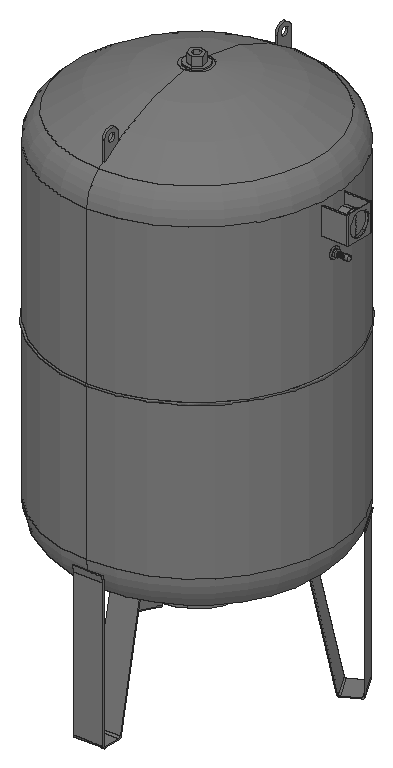
Revit family "MIT-500-ET (Vertical)", category Specialty Equipment, Revit 2022
Family settings
  Round Connector Dimension = Use Diameter
  Part Type = Normal
  Work Plane-Based = No
  Always vertical = Yes
  Cut with Voids When Loaded = No
  Maintain Annotation Orientation = No
  Shared = No
  Room Calculation Point = No
Parameters
  URL = "https://en.ekinendustriyel.com/expansion-tanks"
  Test Pressure = 15.0 bar
  Production Standard = "TS EN 13831"
  Precharge Pressure = 4.0 bar
  Operating Pressure = 10.0 bar
  Model = "MIT-500-ET_(Vertical)"
  Manufacturer = "Ekin Endüstriyel"
  Keynote = "Expension Tank"
  Description = "MIT-Expension Tank"
  Default Elevation = 0 mm
Reference planes
  plane 1 "Center (Front/Back)": y = 0
  plane 2: z = 0
  plane 3 "Center (Left/Right)": x = 0
Forms (mm)
  Revolve 1, solid, material "Ekin Endustriyel-S235JR", detail levels medium+fine
    sketch origin (0, -5389.893, 0) x (0, 1, 0) y (0, 0, 1)
      loop
        line (5389.893, 1505) -> (5389.893, 1503.175) -> (5428.099, 1503.175)
        arc (5428.099, 1503.175) -> (5583.466, 1466.665) -> (5723.669, 1390.408) r 598.751
        arc (5723.669, 1390.408) -> (5752.517, 1356.452) -> (5762.88, 1313.118) r 95.781
        line (5762.88, 1313.118) -> (5762.88, 451.665)
        arc (5762.88, 451.665) -> (5749.994, 400.729) -> (5714.438, 362.046) r 107.12
        arc (5714.438, 362.046) -> (5608.602, 305.459) -> (5494.439, 268.438) r 677.338
        arc (5494.439, 268.438) -> (5485.612, 262.12) -> (5476.202, 256.709) r 109.367
        line (5476.202, 256.709) -> (5389.893, 256.709) -> (5389.893, 254.852) -> (5476.893, 254.852)
        arc (5476.893, 254.852) -> (5486.708, 260.305) -> (5495.92, 266.726) r 110.567
        arc (5495.92, 266.726) -> (5609.873, 303.826) -> (5715.534, 360.373) r 679.338
        arc (5715.534, 360.373) -> (5751.754, 399.778) -> (5764.88, 451.665) r 109.12
        line (5764.88, 451.665) -> (5764.88, 877.995)
        arc (5764.88, 877.995) -> (5767.884, 880.995) -> (5764.88, 883.995) r 3
        line (5764.88, 883.995) -> (5764.88, 1313.118)
        arc (5764.88, 1313.118) -> (5754.3, 1357.356) -> (5724.851, 1392.022) r 97.781
        arc (5724.851, 1392.022) -> (5584.965, 1468.233) -> (5429.968, 1505) r 600.751
        line (5429.968, 1505) -> (5389.893, 1505)
      axis (5389.893, 254.852) -> (5389.893, 1505)
    angle from 0 to 360
  Extrusion 2, solid, material "Ekin Endustriyel-S235JR", detail levels coarse
    sketch origin (-644.932, -1530.879, 288.41) x (1, 0, 0) y (0, 1, 0)
      loop
        circle (644.844, 1530.791) r 132.589
    from -44.733 to -33.733
  Revolve 3, solid, material "Ekin Endustriyel-S235JR", detail levels fine
    sketch origin (1889.676, -0.047, 208.699) x (1, 0, 0) y (0, 0, 1)
      loop
        line (-1909.516, -12.848) -> (-1909.516, 34.978) -> (-1914.607, 34.978)
        arc (-1914.607, 34.978) -> (-1913.916, 34.553) -> (-1913.765, 33.756) r 1.003
        line (-1913.765, 33.756) -> (-1912.65, 32.85) -> (-1913.876, 31.854) -> (-1912.65, 30.858) -> (-1913.876, 29.861) -> (-1912.65, 28.865) -> (-1913.876, 27.869) -> (-1912.65, 26.873) -> (-1913.876, 25.876) -> (-1912.65, 24.88) -> (-1913.876, 23.884) -> (-1912.65, 22.888) -> (-1913.876, 21.892) -> (-1912.65, 20.895) -> (-1913.876, 19.899) -> (-1912.65, 18.903) -> (-1913.876, 17.907) -> (-1912.65, 16.91) -> (-1913.876, 15.914) -> (-1912.65, 14.918) -> (-1913.876, 13.922) -> (-1912.65, 12.926) -> (-1913.876, 11.929) -> (-1912.65, 10.933) -> (-1913.876, 9.937) -> (-1912.65, 8.941) -> (-1913.876, 7.944) -> (-1912.65, 6.948) -> (-1913.876, 5.952) -> (-1912.65, 4.956) -> (-1913.876, 3.96) -> (-1912.65, 2.963) -> (-1913.876, 1.967) -> (-1912.65, 0.971) -> (-1913.876, -0.025) -> (-1912.65, -1.021) -> (-1913.876, -2.018) -> (-1912.65, -3.014) -> (-1913.876, -4.01) -> (-1912.65, -5.006) -> (-1913.876, -6.003) -> (-1912.65, -6.999) -> (-1913.876, -7.995) -> (-1912.65, -8.991) -> (-1913.876, -9.987) -> (-1912.65, -10.984) -> (-1913.876, -11.98) -> (-1912.808, -12.848) -> (-1909.516, -12.848)
      axis (-1890, 34.978) -> (-1890, -12.848)
    angle from 0 to 360
  Extrusion 4, solid, material "Ekin Endustriyel-S235JR", detail levels fine
    sketch origin (-644.932, -1530.879, 319.41) x (0, 1, 0) y (1, 0, 0)
      loop
        line (1631.195, 593.634) -> (1625.356, 598.196) -> (1618.486, 595.42) -> (1617.455, 588.083) -> (1623.294, 583.521) -> (1630.164, 586.297) -> (1631.195, 593.634)
      loop
        line (1536.644, 532.287) -> (1537.675, 539.624) -> (1531.836, 544.186) -> (1524.966, 541.41) -> (1523.935, 534.073) -> (1529.774, 529.511) -> (1536.644, 532.287)
      loop
        line (1430.387, 696.054) -> (1436.226, 691.492) -> (1443.096, 694.267) -> (1444.127, 701.605) -> (1438.288, 706.167) -> (1431.418, 703.391) -> (1430.387, 696.054)
      loop
        line (1524.938, 757.401) -> (1523.907, 750.064) -> (1529.745, 745.502) -> (1536.615, 748.278) -> (1537.647, 755.615) -> (1531.808, 760.177) -> (1524.938, 757.401)
      loop
        line (1436.24, 583.496) -> (1443.11, 586.272) -> (1444.141, 593.61) -> (1438.302, 598.171) -> (1431.432, 595.396) -> (1430.401, 588.058) -> (1436.24, 583.496)
      loop
        line (1625.342, 706.191) -> (1618.472, 703.416) -> (1617.441, 696.078) -> (1623.279, 691.517) -> (1630.149, 694.292) -> (1631.181, 701.63) -> (1625.342, 706.191)
    from 75.733 to 80.849
  Extrusion 5, solid, material "Ekin Endustriyel-S235JR", detail levels fine
    sketch origin (-644.932, -1530.879, 281.918) x (1, 0, 0) y (0, 1, 0)
      loop
        circle (590.707, 1624.56) r 4
      loop
        circle (536.569, 1530.791) r 4
      loop
        circle (590.707, 1437.022) r 4
      loop
        circle (698.981, 1437.022) r 4
      loop
        circle (753.119, 1530.791) r 4
      loop
        circle (698.981, 1624.56) r 4
    from -23.193 to -38.241
  Extrusion 6, solid, material "Ekin Endustriyel-S235JR", detail levels medium
    sketch origin (1329.676, -1405.405, 239.699) x (0, 1, 0) y (1, 0, 0)
      loop
        circle (1405.357, -1330) r 24.607
      loop
        circle (1405.357, -1330) r 19.516
    from 43.848 to -3.978
  Extrusion 7, solid, material "Ekin Endustriyel-S235JR", detail levels coarse
    sketch origin (1329.676, -1405.405, 239.699) x (0, 1, 0) y (1, 0, 0)
      loop
        arc (1380.75, -1330) -> (1392.855, -1351.194) -> (1417.261, -1351.537) r 24.607
        arc (1417.261, -1351.537) -> (1417.859, -1308.806) -> (1380.75, -1330) r 24.607
    from -3.978 to 43.848
  Extrusion 8, solid, material "Ekin Endustriyel-S235JR", detail levels medium+fine
    sketch origin (-644.932, -2335.879, 319.41) x (0, 1, 0) y (1, 0, 0)
      loop
        circle (2335.791, 644.844) r 132.589
      loop
        circle (2242.056, 698.962) r 4
      loop
        circle (2335.791, 753.079) r 4
      loop
        circle (2429.526, 698.962) r 4
      loop
        circle (2429.526, 590.726) r 4
      loop
        circle (2335.791, 536.608) r 4
      loop
        circle (2242.056, 590.726) r 4
    from 75.733 to 64.559
  Extrusion 9, solid, material "Ekin Endustriyel-S235JR", detail levels coarse
    sketch origin (884.213, -5364.893, 42.174) x (0, 1, 0) y (-1, 0, 0)
      loop
        circle (5364.893, 884.213) r 378
    from 212.677 to 1462.826
  Extrusion 10, solid, material "Ekin Endustriyel-S235JR", detail levels fine
    sketch origin (-910.327, -2319.893, 0) x (0, 1, 0) y (0, 0, 1)
      loop
        line (2637.956, 1403.801) -> (2637.956, 1454.01)
        arc (2637.956, 1454.01) -> (2615.44, 1476.526) -> (2592.924, 1454.01) r 22.516
        line (2592.924, 1454.01) -> (2592.924, 1431.736)
        arc (2592.924, 1431.736) -> (2615.785, 1418.324) -> (2637.956, 1403.801) r 537.366
      loop
        circle (2615.396, 1453.963) r 12.5
      loop
        arc (2001.83, 1403.801) -> (2024.001, 1418.324) -> (2046.861, 1431.736) r 537.366
        line (2046.861, 1431.736) -> (2046.861, 1454.01)
        arc (2046.861, 1454.01) -> (2024.345, 1476.526) -> (2001.83, 1454.01) r 22.516
        line (2001.83, 1454.01) -> (2001.83, 1403.801)
      loop
        circle (2024.389, 1453.963) r 12.5
    from 906.829 to 913.828
  Extrusion 11, solid, material "Ekin Endustriyel-S235JR", detail levels medium+fine
    sketch origin (3869.844, -4745.827, 1507.819) x (0, 1, 0) y (-1, 0, 0)
      loop
        circle (4745.469, 3869.844) r 11
      loop
        line (4730.56, 3886.032) -> (4723.995, 3865.027) -> (4738.903, 3848.838) -> (4760.377, 3853.655) -> (4766.943, 3874.661) -> (4752.034, 3890.849) -> (4730.56, 3886.032)
    from 0.181 to 23
  Extrusion 12, solid, material "Ekin Endustriyel-S235JR", detail levels coarse
    sketch origin (3869.844, -4745.827, 1507.819) x (0, 1, 0) y (-1, 0, 0)
      loop
        line (4730.56, 3886.032) -> (4723.995, 3865.027) -> (4738.903, 3848.838) -> (4760.377, 3853.655) -> (4766.943, 3874.661) -> (4752.034, 3890.849) -> (4730.56, 3886.032)
    from -2.819 to 23
  Extrusion 13, solid, material "Ekin Endustriyel-S235JR", detail levels medium+fine
    sketch origin (2.097, -20.931, 0) x (-0.866025, 0.5, 0) y (0, 0, 1)
      loop
        line (382.282, 407) -> (385.717, 424.669) -> (383.753, 425.051) -> (380.282, 407.193) -> (380.282, 7)
        arc (380.282, 7) -> (378.818, 3.464) -> (375.282, 2) r 5
        line (375.282, 2) -> (327.951, 2)
        arc (327.951, 2) -> (324.804, 3.114) -> (323.06, 5.96) r 5
        line (323.06, 5.96) -> (257.392, 314.904) -> (255.435, 314.488) -> (321.108, 5.523)
        arc (321.108, 5.523) -> (323.54, 1.554) -> (327.929, 0) r 6.973
        line (327.929, 0) -> (375.325, 0)
        arc (375.325, 0) -> (380.244, 2.038) -> (382.282, 6.957) r 6.957
        line (382.282, 6.957) -> (382.282, 407)
    from -22.922 to 57.078
  Extrusion 14, solid, material "Ekin Endustriyel-S235JR", detail levels medium+fine
    sketch origin (2.097, -20.931, 0) x (0, -1, 0) y (0, 0, 1)
      loop
        line (352.503, 424.669) -> (350.54, 425.051) -> (347.069, 407.193) -> (347.069, 7)
        arc (347.069, 7) -> (345.604, 3.464) -> (342.069, 2) r 5
        line (342.069, 2) -> (294.737, 2)
        arc (294.737, 2) -> (291.591, 3.114) -> (289.847, 5.96) r 5
        line (289.847, 5.96) -> (224.179, 314.904) -> (222.222, 314.488) -> (287.895, 5.523)
        arc (287.895, 5.523) -> (290.327, 1.554) -> (294.716, 0) r 6.973
        line (294.716, 0) -> (342.112, 0)
        arc (342.112, 0) -> (347.031, 2.038) -> (349.069, 6.957) r 6.957
        line (349.069, 6.957) -> (349.069, 407) -> (352.503, 424.669)
    from -37.903 to 42.097
  Extrusion 15, solid, material "Ekin Endustriyel-S235JR", detail levels medium+fine
    sketch origin (2.097, -20.931, 0) x (0.866025, 0.5, 0) y (0, 0, 1)
      loop
        line (382.084, 424.669) -> (380.12, 425.051) -> (376.649, 407.193) -> (376.649, 7)
        arc (376.649, 7) -> (375.185, 3.464) -> (371.649, 2) r 5
        line (371.649, 2) -> (324.318, 2)
        arc (324.318, 2) -> (321.171, 3.114) -> (319.427, 5.96) r 5
        line (319.427, 5.96) -> (253.759, 314.904) -> (251.803, 314.488) -> (317.475, 5.523)
        arc (317.475, 5.523) -> (319.908, 1.554) -> (324.296, 0) r 6.973
        line (324.296, 0) -> (371.692, 0)
        arc (371.692, 0) -> (376.612, 2.038) -> (378.649, 6.957) r 6.957
        line (378.649, 6.957) -> (378.649, 407) -> (382.084, 424.669)
    from -59.176 to 20.824
  Extrusion 16, solid, material "Ekin Endustriyel-S235JR", detail levels coarse
    sketch origin (2.097, -20.931, 0) x (-0.866025, 0.5, 0) y (0, 0, 1)
      loop
        line (382.282, 254.852) -> (268.112, 254.852) -> (321.108, 5.523)
        arc (321.108, 5.523) -> (323.54, 1.554) -> (327.929, 0) r 6.973
        line (327.929, 0) -> (375.325, 0)
        arc (375.325, 0) -> (380.244, 2.038) -> (382.282, 6.957) r 6.957
        line (382.282, 6.957) -> (382.282, 254.852)
    from -22.922 to 57.078
  Extrusion 17, solid, material "Ekin Endustriyel-S235JR", detail levels coarse
    sketch origin (2.097, -20.931, 0) x (0, -1, 0) y (0, 0, 1)
      loop
        line (349.069, 254.852) -> (234.898, 254.852) -> (287.895, 5.523)
        arc (287.895, 5.523) -> (290.327, 1.554) -> (294.716, 0) r 6.973
        line (294.716, 0) -> (342.112, 0)
        arc (342.112, 0) -> (347.031, 2.038) -> (349.069, 6.957) r 6.957
        line (349.069, 6.957) -> (349.069, 254.852)
    from -37.903 to 42.097
  Extrusion 18, solid, material "Ekin Endustriyel-S235JR", detail levels coarse
    sketch origin (2.097, -20.931, 0) x (0.866025, 0.5, 0) y (0, 0, 1)
      loop
        line (378.649, 254.852) -> (264.479, 254.852) -> (317.475, 5.523)
        arc (317.475, 5.523) -> (319.908, 1.554) -> (324.296, 0) r 6.973
        line (324.296, 0) -> (371.692, 0)
        arc (371.692, 0) -> (376.612, 2.038) -> (378.649, 6.957) r 6.957
        line (378.649, 6.957) -> (378.649, 254.852)
    from -59.176 to 20.824
  Extrusion 19, solid, material "Ekin Endustriyel-S235JR", detail levels medium+fine
    sketch origin (3869.844, -4745.827, 1507.819) x (0, 1, 0) y (-1, 0, 0)
      loop
        circle (4745.827, 3869.844) r 32.5
    from -2.819 to 0.181
  Extrusion 20, solid, material "Ekin Endustriyel-S235JR", detail levels coarse
    sketch origin (146.198, -0.358, 461.919) x (1, 0, 0) y (0, 1, 0)
      loop
        line (226.508, -39.142) -> (298.922, -39.142) -> (298.922, 39.858) -> (226.683, 39.858)
        arc (226.683, 39.858) -> (229.034, 19.99) -> (229.819, 0) r 254.819
        arc (229.819, 0) -> (228.99, -19.641) -> (226.508, -39.142) r 233
    from 767.5 to 842.5
  Extrusion 21, solid, material "Ekin Endustriyel-S235JR", detail levels medium+fine
    sketch origin (146.198, -0.358, 461.919) x (1, 0, 0) y (0, 1, 0)
      loop
        line (296.322, 39.858) -> (226.683, 39.858)
        arc (226.683, 39.858) -> (226.839, 38.858) -> (226.992, 37.858) r 254.819
        line (226.992, 37.858) -> (296.322, 37.858)
        arc (296.322, 37.858) -> (296.747, 37.682) -> (296.922, 37.258) r 0.6
        line (296.922, 37.258) -> (296.922, -36.542)
        arc (296.922, -36.542) -> (296.747, -36.967) -> (296.322, -37.142) r 0.6
        line (296.322, -37.142) -> (227.098, -37.142)
        arc (227.098, -37.142) -> (226.949, -38.143) -> (226.795, -39.142) r 254.819
        line (226.795, -39.142) -> (296.322, -39.142)
        arc (296.322, -39.142) -> (298.161, -38.381) -> (298.922, -36.542) r 2.6
        line (298.922, -36.542) -> (298.922, 37.258)
        arc (298.922, 37.258) -> (298.161, 39.096) -> (296.322, 39.858) r 2.6
    from 767.5 to 842.5
  Extrusion 22, void
    sketch origin (445.12, -36.9, 461.919) x (0, 1, 0) y (0, 0, 1)
      loop
        circle (36.9, 805) r 32.5
    from -2 to 0
  Revolve 23, solid, material "Ekin Endustriyel-S235JR", detail levels fine
    sketch origin (146.198, -0.358, 461.919) x (1, 0, 0) y (0, 0, 1)
      loop
        line (230, 811.5) -> (230, 805) -> (288.499, 805) -> (288.499, 837.415) -> (283.499, 837.415) -> (283.499, 835.016) -> (279.483, 835.016)
        arc (279.483, 835.016) -> (278.774, 834.723) -> (278.48, 834.013) r 1.003
        line (278.48, 834.013) -> (253.48, 834.013) -> (253.48, 815.002) -> (252.5, 815.002)
        arc (252.5, 815.002) -> (252.139, 814.657) -> (252, 814.178) r 0.964
        line (252, 814.178) -> (252, 812.305) -> (245, 812.305) -> (245, 811.5) -> (230, 811.5)
      axis (230, 805) -> (288.499, 805)
    angle from 0 to 360
  Revolve 24, solid, material "Ekin Endustriyel-S235JR", detail levels fine
    sketch origin (145.036, -0.358, 368.164) x (1, 0, 0) y (0, 0, 1)
      loop
        line (229.96, 805) -> (275.561, 805)
        arc (275.561, 805) -> (274.758, 808.458) -> (272.513, 811.208) r 7.847
        line (272.513, 811.208) -> (261.504, 811.208) -> (261.504, 812.005) -> (260.479, 812.005) -> (260.479, 810.108) -> (259.639, 809.269) -> (258.962, 809.946) -> (258.285, 809.269) -> (257.608, 809.946) -> (256.931, 809.269) -> (256.254, 809.946) -> (255.577, 809.269) -> (254.899, 809.946) -> (254.222, 809.269) -> (253.545, 809.946) -> (252.868, 809.269) -> (252.191, 809.946) -> (251.514, 809.269) -> (250.837, 809.946) -> (250.16, 809.269) -> (249.483, 809.946) -> (248.806, 809.269) -> (248.128, 809.946) -> (247.451, 809.269) -> (246.774, 809.946) -> (246.097, 809.269) -> (245.42, 809.946) -> (244.743, 809.269) -> (244.066, 809.946) -> (243.389, 809.269) -> (242.712, 809.946) -> (242.035, 809.269) -> (241.357, 809.946) -> (240.68, 809.269) -> (240.003, 809.946) -> (239.326, 809.269) -> (238.649, 809.946) -> (237.972, 809.269) -> (237.295, 809.946) -> (236.618, 809.269) -> (235.941, 809.946) -> (235.264, 809.269) -> (234.586, 809.946) -> (233.909, 809.269) -> (233.232, 809.946) -> (232.555, 809.269) -> (232.001, 809.823) -> (232.001, 814.435) -> (232.001, 819.99) -> (229.96, 819.99) -> (229.96, 805)
      axis (229.96, 805) -> (275.561, 805)
    angle from 0 to 360
  Extrusion 25, solid, material "Ekin Endustriyel-S235JR", detail levels fine
    sketch origin (145.036, -0.358, 449.96) x (0, 1, 0) y (0, 0, 1)
      loop
        line (0.348, 732.628) -> (-7.805, 727.921) -> (-7.805, 718.507) -> (0.348, 713.8) -> (8.5, 718.507) -> (8.5, 727.921) -> (0.348, 732.628)
    from 232.001 to 240.003
Cuts and joins
  joined: Extrusion 4, Extrusion 5
  Extrusion 22 cuts Extrusion 21
Dimensions and locks
  aligned and locked: level to plane 2
Connectors
  piping at (-0.324, -0.047, 195.852), diameter 25.4
    settings: on Extrusion 6, index 1, connector inside diameter 609.6 mm, connector length 0 mm, flow factor 0, pipe flow 0.0 L/s, pressure drop 0.0 Pa, fitting loss kfactor 0, connector angle 0.00°, fixture units 0, engagement length 0 mm, angle of deflection 0.00°, flow configuration 0, flow direction 0, fitting loss method 0, system type 7, joint type 0, gender type 0, connector reference index -1, connector utility 0, adjustable connector no, is connector primary yes, connector description ""
